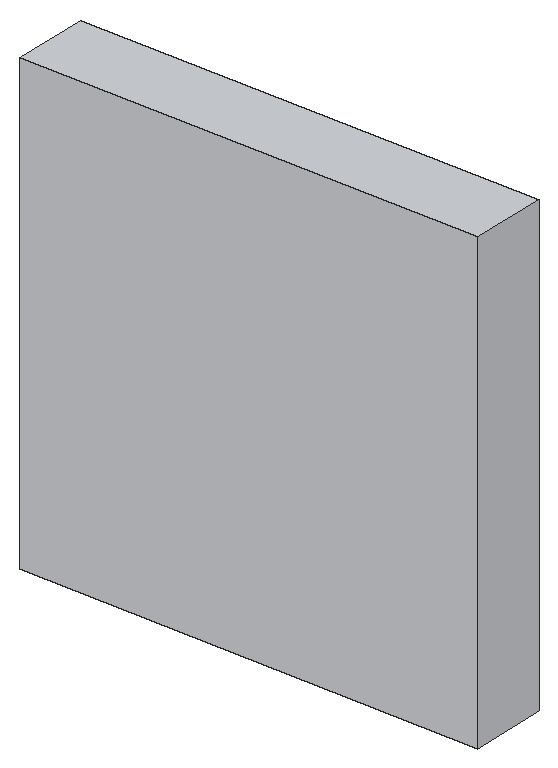
Revit family "BIMSF-Plate", category Structural Connections, Revit 2024
Family settings
  Material for Model Behavior = Other
  Work Plane-Based = Yes
  Enable Cutting in Views = No
  Always vertical = Yes
  Cut with Voids When Loaded = No
  Shared = No
Parameters (values of type "Generic")
  t [instance] = 0' - 2"
  w [instance] = 1' - 0"
  h [instance] = 1' - 0"
  Weight = 0.00 lbf/ft
  Short Tag [instance] = ""
  Reported Length = 0' - 0"
  Material = none
  Long Tag [instance] = ""
  Default Elevation = 2' - 0"
  Assembly Code = ""
Reference planes (in)
  plane 1 "Center (Front/Back)": y = 0
  plane 2: z = 0
  plane 3 "Center (Left/Right)": x = 0
  plane 4: z = -6
  plane 5: z = 6
  plane 6: x = -6
  plane 7: x = 6
  plane 8: y = -2
Forms (in)
  Extrusion 1, solid, material <- "Material"
    sketch origin (0, 0, 0) x (1, 0, 0) y (0, 0, 1)
      loop
        line (-6, 6) -> (-6, -6) -> (6, -6) -> (6, 6) -> (-6, 6)
    from 0 to 2 <- "t"
Dimensions and locks (in)
  equal spacing: plane 7, plane 3 "Center (Left/Right)", plane 6
  equal spacing: plane 5, level, plane 4
  "w": plane 7 to plane 6
  "h": plane 5 to plane 4
  "t": plane 1 "Center (Front/Back)" to plane 8
  aligned and locked: plane 6 to Extrusion 1 sketch curve
  aligned and locked: Extrusion 1 sketch curve to plane 5
  aligned and locked: plane 4 to Extrusion 1 sketch curve
  aligned and locked: Extrusion 1 sketch curve to plane 7
